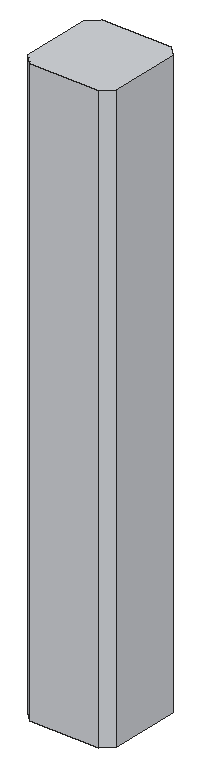
Revit family "M_Chamfered Column", category 기둥, Revit 2026
Family settings
  로드될 때 보이드를 사용하여 절단 = 아니오
  자동으로 형상을 벽에 결합합니다 = 예
  공유 = 아니오
  평면도에서 미리 절단된 패밀리 표시 = 예
Parameters (values of type "457 x 457mm")
  Depth = 457 mm
  Material = none
  Offset Base = 0 mm
  Offset Top = 0 mm
  Width = 457 mm
Types (4, lengths in mm): name | Depth | Width
  (no name) | 457 | 457
  457 x 457mm | 457 | 457
  457 x 610mm | 610 | 457
  610 x 610mm | 610 | 610
Reference planes
  plane 1 "Center (Front/Back)": y = 0
  plane 2: z = 0
  plane 3 "Center (Left/Right)": x = 15.208
  plane 4 "Left": x = -213.292
  plane 5 "Right": x = 243.708
  plane 6 "Back": y = 228.5
  plane 7 "Front": y = -228.5
  plane 8: z = 3000
  plane 9: z = 0
Forms (mm)
  Extrusion 1, solid, material <- "Material"
    sketch origin (0, 0, 0) x (1, 0, 0) y (0, 1, 0)
      loop
        line (-162.292, 228.5) -> (-213.292, 177.5) -> (-213.292, -177.5) -> (-162.292, -228.5) -> (192.708, -228.5) -> (243.708, -177.5) -> (243.708, 177.5) -> (192.708, 228.5) -> (-162.292, 228.5)
    from 0 to 3000
Dimensions and locks
  equal spacing: plane 4 "Left", plane 3 "Center (Left/Right)", plane 5 "Right"
  equal spacing: plane 7 "Front", plane 1 "Center (Front/Back)", plane 6 "Back"
  "Width": plane 4 "Left" to plane 5 "Right"
  "Depth": plane 7 "Front" to plane 6 "Back"
  "Offset Top": level to plane 8
  "Offset Base": plane 9 to level
  aligned and locked: Extrusion 1 to plane 9
  aligned and locked: plane 8 to Extrusion 1
Automatic sketch dimensions
  Extrusion 1 sketch curve to plane 4 "Left" = 0 mm
  Extrusion 1 sketch curve to plane 7 "Front" = 0 mm
  Extrusion 1 sketch curve to plane 6 "Back" = 0 mm
  Extrusion 1 sketch curve to plane 5 "Right" = 0 mm
  Extrusion 1 sketch curve to plane 4 "Left" = 51 mm  (x2)
  plane 5 "Right" to Extrusion 1 sketch curve = 51 mm  (x2)
  Extrusion 1 sketch curve to plane 7 "Front" = 51 mm  (x2)
  plane 6 "Back" to Extrusion 1 sketch curve = 51 mm  (x2)
